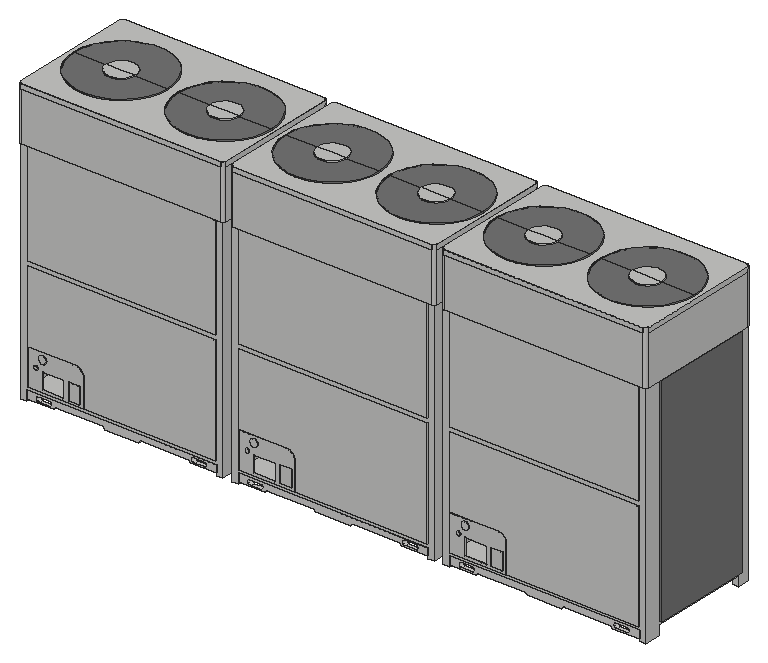
Revit family "Heat_Pump-Split_System-Outdoor-JCI-Triple_Unit-32-36 _ton", category Mechanical Equipment, Revit 2014
Parameters (values of type "208v - 32 ton Cooling Capacity")
  Width = 30 1/2"
  Voltage = 208 V
  Visibility 2 = Total Cooling Capacity > 42202.2 VA  # yes
  Visibility 1 = Total Cooling Capacity > 21101.1 VA  # yes
  Unit Separation [instance] = 13/16"
  URL = "www.johnsoncontrols.com"
  Type Comments = "208v - 32 ton Cooling Capacity"
  Total Heating Capacity = 432000.0 Btu/h
  Total Cooling Capacity = 384000.0 Btu/h
  Shroud Radius = Shroud Diameter / 2  # 14 3/8"
  Shroud Diameter = if(and(Total Cooling Capacity < 48356.7 VA, Total Cooling Capacity > 21101.1 VA), 22", 28 3/4")  # 28 3/4"
  Refrigerant Used = "R410A"
  Product Page URL = ""
  Product Name = "(H,Y)VAHP384B32S"
  Product Documentation Link = ""
  Power Factor = 0.8
  Pipe Material = Metal - JCI - Brass SU
  Phase = 3
  Operating Weight = 2165.00 lbf
  Offset = 0"
  Number of Poles = 3
  Model = Product Name  # "(H,Y)VAHP384B32S"
  Manufacturer = "Johnson Controls Incorporated"
  Load Classification = HVAC
  Length 9 [instance] = if(Clearance Zones, Clearance Top, 0")  # 0"
  Length 8 [instance] = if(Clearance Zones, Clearance Back, 0")  # 0"
  Length 7 [instance] = if(Clearance Zones, Clearance Front, 0")  # 0"
  Length 6 [instance] = if(Clearance Zones, Clearance Right, 0")  # 0"
  Length 5 [instance] = if(Clearance Zones, Clearance Left, 0")  # 0"
  Length [instance] = Main Unit Length + Unit Separation + Sub Unit 1 Length + Unit Separation + Sub Unit 2 Length  # 147 1/2"
  Main Unit Model = "(H,Y)VAHP144B32S"
  Main Unit KO Power X Offset 3 = 10 15/16"
  Main Unit KO Power X Offset 2 = 8 3/8"
  Main Unit KO Power X Offset 1 = 5 3/16"
  Main Unit KO Controls X Offset = 3 5/8"
  KO Controls Radius = KO Controls Diameter / 2  # 7/16"
  KO Controls Diameter = 7/8"
  Main Unit KO Power X Offset Label [instance] = if(Main Unit Knockout Power 1, Main Unit KO Power X Offset 1, if(Main Unit Knockout Power 2, Main Unit KO Power X Offset 2, if(Main Unit Knockout Power 3, Main Unit KO Power X Offset 3, 0")))  # 5 3/16"
  Main Unit KO Power Radius [instance] = Main Unit KO Power Diameter / 2  # 7/8"
  Main Unit KO Power Diameter [instance] = if(Main Unit Knockout Power 1, 1 3/4", if(Main Unit Knockout Power 2, 1 3/8", 7/8"))  # 1 3/4"
  Main Unit Length = 48 5/8"
  Main Unit = Heat_Pump-Split_System-Outdoor-JCI-Single_Unit-6-16 _ton to be nested : 12 ton Cooling Capacity
  Main Unit Knockout Power 3 [instance] = no
  Main Unit Knockout Power 2 [instance] = no
  Main Unit Knockout Power 1 [instance] = yes
  Main Unit Knockout Front [instance] = yes
  Master Unit Knockout Bottom [instance] = not(Main Unit Knockout Front)  # no
  Height = 66 1/4"
  Main Minimum Circuit Current = 58 A
  Main Maximum Overcurrent Protection = 70 A
  Grille Material = Metal - JCI - Grille Square SU
  Frequency = 60 Hz
  Sub Unit 2 Model = "(H,Y)VAHP120B32S"
  Sub Unit 1 Model = "(H,Y)VAHP120B32S"
  Sub Unit 2 Length = 48 5/8"
  Sub Unit 2 Knockout Power 3 [instance] = no
  Sub Unit 2 Knockout Power 2 [instance] = no
  Sub Unit 2 Knockout Power 1 [instance] = yes
  Sub Unit 2 Knockout Front [instance] = yes
  Sub Unit 2 Knockout Bottom [instance] = not(Sub Unit 2 Knockout Front)  # no
  Sub Unit 2 KO Power X Offset Label [instance] = if(Sub Unit 2 Knockout Power 1, Sub Unit 2 KO Power X Offset 1, if(Sub Unit 2 Knockout Power 2, Sub Unit 2 KO Power X Offset 2, if(Sub Unit 2 Knockout Power 3, Sub Unit 2 KO Power X Offset 3, 0")))  # 5 3/16"
  Sub Unit 2 KO Power X Offset 3 = 10 15/16"
  Sub Unit 2 KO Power X Offset 2 = 8 3/8"
  Sub Unit 2 KO Power X Offset 1 = 5 3/16"
  Sub Unit 2 KO Power Radius [instance] = Sub Unit 2 KO Power Diameter / 2  # 7/8"
  Sub Unit 2 KO Power Diameter [instance] = if(Sub Unit 2 Knockout Power 1, 1 3/4", if(Sub Unit 2 Knockout Power 2, 1 3/8", 7/8"))  # 1 3/4"
  Sub Unit 2 KO Controls X Offset = 3 5/8"
  Sub Unit 2 DX Liquid X Offset = 7 3/8"
  Sub Unit 2 DX Liquid Radius = Sub Unit 2 DX Liquid Diameter / 2  # 1/4"
  Sub Unit 2 DX Liquid Diameter = 1/2"
  Sub Unit 2 DX Gas X Offset = 9 7/16"
  Sub Unit 2 DX Gas Radius = Sub Unit 2 DX Gas Diameter / 2  # 9/16"
  Sub Unit 2 DX Gas Diameter = 1 1/8"
  Sub Unit 2 = Heat_Pump-Split_System-Outdoor-JCI-Single_Unit-6-16 _ton to be nested : 10 ton Cooling Capacity
  Sub Unit 1 Length = 48 5/8"
  Sub Unit 1 Knockout Power 3 [instance] = no
  Sub Unit 1 Knockout Power 2 [instance] = no
  Sub Unit 1 Knockout Power 1 [instance] = yes
  Sub Unit 1 Knockout Front [instance] = yes
  Sub Unit 1 Knockout Bottom [instance] = not(Sub Unit 1 Knockout Front)  # no
  Sub Unit 1 KO Power X Offset Label [instance] = if(Sub Unit 1 Knockout Power 1, Sub Unit 1 KO Power X Offset 1, if(Sub Unit 1 Knockout Power 2, Sub Unit 1 KO Power X Offset 2, if(Sub Unit 1 Knockout Power 3, Sub Unit 1 KO Power X Offset 3, 0")))  # 5 3/16"
  Sub Unit 1 KO Power X Offset 3 = 10 15/16"
  Sub Unit 1 KO Power X Offset 2 = 8 3/8"
  Sub Unit 1 KO Power X Offset 1 = 5 3/16"
  Sub Unit 1 KO Power Radius [instance] = Sub Unit 1 KO Power Diameter / 2  # 7/8"
  Sub Unit 1 KO Power Diameter [instance] = if(Sub Unit 1 Knockout Power 1, 1 3/4", if(Sub Unit 1 Knockout Power 2, 1 3/8", 7/8"))  # 1 3/4"
  Sub Unit 1 KO Controls X Offset = 3 5/8"
  Sub Unit 1 DX Liquid X Offset = 7 3/8"
  Sub Unit 1 DX Liquid Radius = Sub Unit 1 DX Liquid Diameter / 2  # 1/4"
  Sub Unit 1 DX Liquid Diameter = 1/2"
  Sub Unit 1 DX Gas Radius = Sub Unit 1 DX Gas Diameter / 2  # 9/16"
  Sub Unit 1 DX Gas Diameter = 1 1/8"
  Sub Unit 1 DX Gas X Offset = 9 7/16"
  Sub Unit 1 = Heat_Pump-Split_System-Outdoor-JCI-Single_Unit-6-16 _ton to be nested : 10 ton Cooling Capacity
  Sub 2 Minimum Circuit Current = 46 A
  Sub 2 Maximum Overcurrent Protection = 60 A
  Sub 1 Minimum Circuit Current = 46 A
  Sub 1 Maximum Overcurrent Protection = 60 A
  Description = "Outdoor Triple Unit Variable Refrigerant Flow"
  DX Liquid Z Offset = 10 11/32"
  DX Liquid Y Offset = 5 3/16"
  Main Unit DX Liquid X Offset = 7 3/8"
  Main Unit DX Liquid Radius = Main Unit DX Liquid Diameter / 2  # 5/16"
  Main Unit DX Liquid Diameter = 5/8"
  DX Gas Z Offset = 6 25/32"
  DX Gas Y Offset = 5 31/32"
  Main Unit DX Gas X Offset = 9 7/16"
  Main Unit DX Gas Radius = Main Unit DX Gas Diameter / 2  # 9/16"
  Main Unit DX Gas Diameter = 1 1/8"
  Copyright © = "Copyright © 2001-2017 Johnson Controls"  # constant formula
  Clearance Zones [instance] = no
  Clearance Top = 59 1/2"
  Clearance Right = 7 7/8"
  Clearance Material = Clearance Zones
  Clearance Left = 7 7/8"
  Clearance Front = 19 11/16"
  Clearance Back = 11 13/16"
  Body Material = Paint - JCI - Silky Shade SU
  Body Inset = 5/16"
  Base Material = Metal - JCI - Base Steel SU
  Assembly Code = "D3030200"
  Apparent Load 3 = Voltage * Sub 2 Minimum Circuit Current / Power Factor  # 11960 VA
  Apparent Load 2 = Voltage * Sub 1 Minimum Circuit Current / Power Factor  # 11960 VA
  Apparent Load 1 = Voltage * Main Minimum Circuit Current / Power Factor  # 15080 VA
Reference planes (in)
  plane 1 "Center (Front/Back)": y = 0
  plane 2: z = 0
  plane 3 "Center (Left/Right)": x = 0
  plane 4 "Left": x = -73.75
  plane 5 "Right": x = 73.75
  plane 6 "Back": y = 15.25
  plane 7 "Front": y = -15.25
  plane 8 "lid left": x = -73.4375
  plane 9 "Bottom": z = 0
  plane 10 "Top": z = 66.25
  plane 11 "body 1 left": x = -73.125
  plane 12 "panel front": y = -15.0005
  plane 13 "fan top": z = 66.5
  plane 14 "clearance back": y = 15.25
  plane 15 "clearance front": y = -15.25
  plane 16 "clearance left": x = -73.75
  plane 17 "clearance right": x = 73.75
  plane 18 "clearance top": z = 66.25
  plane 19: y = 0.05208
  plane 20 "dx liquid x cl": x = -65.75
  plane 21 "dx gas discharge x cl": x = -63.6875
  plane 22 "dx liquid y cl": y = -10.0625
  plane 23 "dx gas y cl": y = -9.28125
  plane 24 "dx gas z bottom": z = 6.78125
  plane 25 "dx liquid z bottom": z = 10.34375
  plane 26 "front dummy": y = -15.25
  plane 27 "header right": x = -25.125
  plane 28 "follower 1 left": x = -24.3125
  plane 29 "lid 2 left": x = -24
  plane 30 "body 2 left": x = -23.6875
  plane 31: x = -16.3125
  plane 32: x = -14.25
  plane 33 "follower 2 left": x = 25.125
  plane 34 "follower 1 right": x = 24.3125
  plane 35: x = 25.4375
  plane 36: x = 25.75
  plane 37: x = 33.125
  plane 38: x = 35.1875
Forms (in)
  Extrusion 1, solid, material "Clearance Zones" <- "Clearance Material", visible <- "Clearance Zones"
    sketch origin (0, 0, 0) x (-1, 0, 0) y (0, -1, 0)
      loop
        line (73.75, -15.25) -> (73.75, 15.25) -> (-73.75, 15.25) -> (-73.75, -15.25) -> (73.75, -15.25)
    from 0 to 66.25
  Extrusion 2, solid, material "Metal - JCI - Brass SU" <- "Pipe Material", detail levels medium+fine
    sketch origin (-60.79778, -180, 6.78125) x (-1, 0, 0) y (0, -1, 0)
      loop
        circle (2.88972, -170.71875) r 0.5625
      loop
        circle (-46.54778, -170.71875) r 0.5625
      loop
        circle (-95.98528, -170.71875) r 0.5625
    from 0 to 4.71625
  Extrusion 3, solid, material "Metal - JCI - Brass SU" <- "Pipe Material", detail levels medium+fine
    sketch origin (-60.79778, -180, 10.34375) x (-1, 0, 0) y (0, -1, 0)
      loop
        circle (4.95222, -169.9375) r 0.3125
      loop
        circle (-44.48528, -169.9375) r 0.25
      loop
        circle (-93.92278, -169.9375) r 0.25
    from 1.15375 to 0
  Extrusion 4, solid, material "Paint - JCI - Silky Shade SU" <- "Body Material", detail levels medium+fine
    sketch origin (-38.06929, -15.0005, 48) x (-1, 0, 0) y (0, 0, 1)
      loop
        circle (31.43071, -40.1875) r 0.4375
      loop
        circle (29.86821, -38.0625) r 0.875
      loop
        circle (-18.00679, -40.1875) r 0.4375
      loop
        circle (-19.56929, -38.0625) r 0.875
      loop
        circle (-67.44429, -40.1875) r 0.4375
      loop
        circle (-69.00679, -38.0625) r 0.875
    from 0 to 1
Lines and regions (in)
  Masking region 1, detail levels coarse
    outline origin (0, 0, 0) x (1, 0, 0) y (0, 0, 1)
      loop
        line (-73.75, 66.5) -> (-73.75, 0) -> (73.75, 0) -> (73.75, 66.5) -> (-73.75, 66.5)
  Masking region 2, visible <- "Visibility 2", detail levels fine
    outline origin (0, -14.9375, 0) x (-1, 0, 0) y (0, 0, 1)
      loop
        line (-24, 66.5) -> (-52.75, 66.5) -> (-52.75, 66.25) -> (-24, 66.25) -> (-24, 66.5)
  symbolic lines, style "Clearance Zones", visible <- "Clearance Zones"
    curve 1: line (-73.75, 15.25, 53.62) -> (73.75, 15.25, 53.62)
    curve 2: line (-73.75, -15.25, 53.62) -> (-73.75, 15.25, 53.62)
    curve 3: line (73.75, -15.25, 53.62) -> (-73.75, -15.25, 53.62)
    curve 4: line (73.75, 15.25, 53.62) -> (73.75, -15.25, 53.62)
    curve 5: line (-73.75, 0, 66.25) -> (73.75, 0, 66.25)
    curve 6: line (-73.75, 0, 0) -> (-73.75, 0, 66.25)
    curve 7: line (73.75, 0, 0) -> (-73.75, 0, 0)
    curve 8: line (73.75, 0, 66.25) -> (73.75, 0, 0)
    curve 9: line (0, 15.25, 0) -> (0, 15.25, 66.25)
    curve 10: line (0, -15.25, 0) -> (0, 15.25, 0)
    curve 11: line (0, -15.25, 66.25) -> (0, -15.25, 0)
    curve 12: line (0, 15.25, 66.25) -> (0, -15.25, 66.25)
Dimensions and locks (in)
  equal spacing: plane 4 "Left", plane 3 "Center (Left/Right)", plane 5 "Right"
  "Length": plane 4 "Left" to plane 5 "Right"
  equal spacing: plane 6 "Back", plane 1 "Center (Front/Back)", plane 7 "Front"
  "Width": plane 6 "Back" to plane 7 "Front"
  locked: plane 4 "Left" to plane 8 "lid left" at 0.3125
  "Height": plane 10 "Top" to plane 9 "Bottom"
  "Offset": plane 9 "Bottom" to level
  "Body Inset": plane 8 "lid left" to plane 11 "body 1 left"
  locked: plane 13 "fan top" to plane 10 "Top" at 0.25
  "Length 5": plane 16 "clearance left" to plane 4 "Left"
  "Length 6": plane 5 "Right" to plane 17 "clearance right"
  "Length 8": plane 14 "clearance back" to plane 6 "Back"
  "Length 7": plane 26 "front dummy" to plane 15 "clearance front"
  "Length 9": plane 18 "clearance top" to plane 10 "Top"
  "Main Unit DX Liquid X Offset": plane 11 "body 1 left" to plane 20 "dx liquid x cl"
  "Main Unit DX Gas X Offset": plane 11 "body 1 left" to plane 21 "dx gas discharge x cl"
  "DX Liquid Y Offset": plane 22 "dx liquid y cl" to plane 7 "Front"
  "DX Gas Y Offset": plane 23 "dx gas y cl" to plane 7 "Front"
  "DX Gas Z Offset": plane 24 "dx gas z bottom" to plane 9 "Bottom"
  "DX Liquid Z Offset": plane 25 "dx liquid z bottom" to plane 9 "Bottom"
  "Main Unit KO Controls X Offset": Extrusion 4 sketch curve to plane 11 "body 1 left"
  locked: Extrusion 4 sketch curve to plane 9 "Bottom" at 7.8125  (x3)
  Masking region 2 sketch curve to Masking region 2 sketch curve = 28 3/4"
  "Shroud Diameter": Masking region 2 sketch curve to Masking region 2 sketch curve
  locked: Extrusion 4 sketch curve to plane 9 "Bottom" at 9.9375  (x3)
  "Main Unit KO Power X Offset Label": Extrusion 4 sketch curve to plane 11 "body 1 left"
  "Main Unit Length": plane 4 "Left" to plane 27 "header right"
  "Unit Separation": plane 27 "header right" to plane 28 "follower 1 left"
  "Body Inset": plane 29 "lid 2 left" to plane 30 "body 2 left"
  locked: plane 28 "follower 1 left" to plane 29 "lid 2 left" at 0.3125
  "Sub Unit 1 DX Liquid X Offset": plane 30 "body 2 left" to plane 31
  "Sub Unit 1 DX Gas X Offset": plane 30 "body 2 left" to plane 32
  "Sub Unit 1 KO Power X Offset Label": Extrusion 4 sketch curve to plane 30 "body 2 left"
  "Sub Unit 1 KO Controls X Offset": Extrusion 4 sketch curve to plane 30 "body 2 left"
  "Sub Unit 1 Length": plane 28 "follower 1 left" to plane 34 "follower 1 right"
  "Unit Separation": plane 34 "follower 1 right" to plane 33 "follower 2 left"
  "Body Inset": plane 35 to plane 36
  locked: plane 33 "follower 2 left" to plane 35 at 0.3125
  "Sub Unit 1 DX Liquid X Offset": plane 36 to plane 37
  "Sub Unit 1 DX Gas X Offset": plane 36 to plane 38
  "Sub Unit 2 KO Controls X Offset": Extrusion 4 sketch curve to plane 36
  "Sub Unit 2 KO Power X Offset Label": Extrusion 4 sketch curve to plane 36
  "Main Unit DX Gas Radius": radius of Extrusion 2 sketch curve
  "Main Unit DX Liquid Radius": radius of Extrusion 3 sketch curve
  "KO Controls Radius": radius of Extrusion 4 sketch curve  (x3)
  "Main Unit KO Power Radius": radius of Extrusion 4 sketch curve
  "Sub Unit 1 DX Gas Radius": radius of Extrusion 2 sketch curve
  "Sub Unit 1 DX Liquid Radius": radius of Extrusion 3 sketch curve
  "Sub Unit 1 KO Power Radius": radius of Extrusion 4 sketch curve
  "Sub Unit 2 DX Gas Radius": radius of Extrusion 2 sketch curve
  "Sub Unit 2 DX Liquid Radius": radius of Extrusion 3 sketch curve
  "Sub Unit 2 KO Power Radius": radius of Extrusion 4 sketch curve
  aligned and locked: level to plane 2
  aligned and locked: Extrusion 1 sketch curve to plane 14 "clearance back"
  aligned and locked: plane 16 "clearance left" to Extrusion 1 sketch curve
  aligned and locked: Extrusion 1 sketch curve to plane 15 "clearance front"
  aligned and locked: Extrusion 1 sketch curve to plane 17 "clearance right"
  aligned and locked: curve 4 to plane 17 "clearance right"
  aligned and locked: plane 16 "clearance left" to curve 2
  aligned and locked: curve 3 to plane 15 "clearance front"
  aligned and locked: curve 1 to plane 14 "clearance back"
  aligned and locked: plane 18 "clearance top" to Extrusion 1
  aligned and locked: Extrusion 1 to plane 9 "Bottom"
  aligned and locked: plane 16 "clearance left" to curve 6
  aligned and locked: curve 8 to plane 17 "clearance right"
  aligned and locked: curve 5 to plane 18 "clearance top"
  aligned and locked: curve 7 to plane 9 "Bottom"
  aligned and locked: curve 9 to plane 14 "clearance back"
  aligned and locked: plane 15 "clearance front" to curve 11
  aligned and locked: plane 9 "Bottom" to curve 10
  aligned and locked: Masking region 1 sketch curve to plane 13 "fan top"
  aligned and locked: plane 4 "Left" to Masking region 1 sketch curve
  aligned and locked: Masking region 1 sketch curve to plane 5 "Right"
  aligned and locked: Masking region 1 sketch curve to plane 9 "Bottom"
  aligned and locked: Extrusion 2 sketch curve to plane 23 "dx gas y cl"  (x3)
  aligned and locked: plane 21 "dx gas discharge x cl" to Extrusion 2 sketch curve
  aligned and locked: Extrusion 2 to plane 24 "dx gas z bottom"
  aligned and locked: Extrusion 3 sketch curve to plane 22 "dx liquid y cl"  (x3)
  aligned and locked: plane 20 "dx liquid x cl" to Extrusion 3 sketch curve
  aligned and locked: Extrusion 3 to plane 25 "dx liquid z bottom"
  aligned and locked: Masking region 2 sketch curve to plane 13 "fan top"
  aligned and locked: Masking region 2 sketch curve to plane 10 "Top"
  aligned and locked: plane 26 "front dummy" to plane 7 "Front"
  aligned and locked: nested 1 to plane 1 "Center (Front/Back)"
  aligned and locked: plane 4 "Left" to nested 1
  aligned and locked: nested 2 to plane 28 "follower 1 left"
  aligned and locked: plane 1 "Center (Front/Back)" to nested 2
  aligned and locked: plane 32 to Extrusion 2 sketch curve
  aligned and locked: plane 31 to Extrusion 3 sketch curve
  aligned and locked: plane 24 "dx gas z bottom" to Extrusion 2
  aligned and locked: plane 1 "Center (Front/Back)" to nested 3
  aligned and locked: nested 3 to plane 33 "follower 2 left"
  aligned and locked: plane 38 to Extrusion 2 sketch curve
  aligned and locked: plane 37 to Extrusion 3 sketch curve
  aligned and locked: curve 12 to plane 18 "clearance top"
Nested families (in)
  nested 1: "Heat_Pump-Split_System-Outdoor-JCI-Single_Unit-6-16 _ton to be nested" at (-49.4375, 0, 0), Knockout Power 3 <- "Main Unit Knockout Power 3", Knockout Power 2 <- "Main Unit Knockout Power 2", Knockout Power 1 <- "Main Unit Knockout Power 1", Knockout Front <- "Main Unit Knockout Front", type <- "Main Unit", type "12 ton Cooling Capacity"
    with Length 14 14 3/4", Length 13 3", Length 12 1/4", Length 11 9 15/16", Length 10 1 31/32", Knockout Power 3 no, Knockout Power 2 no, Knockout Power 1 yes, Knockout Front yes, Knockout Bottom no, KO Z Offset 5 9/16", KO Y Offset 0", KO Power X Offset 5 3/16", KO Power Radius 7/8", KO Power Diameter 1 3/4", KO Height 3 15/16", Fan 2 X Offset 12 5/32", Fan 1 X Offset 12 5/32", Clearance Zones yes, Angle 2 90.00°, Angle 1 90.00°, Visibility 1 yes, Total Cooling Capacity 144000.0 Btu/h, Shroud Radius 11", Shroud Diameter 22", Operating Weight 723.00 lbf, Length 48 5/8", KO Power X Offset 3 10 15/16", KO Power X Offset 2 8 3/8", KO Power X Offset 1 5 3/16", KO Controls X Offset 3 5/8", KO 2 X Offset 11 1/4", KO 1 X Offset 5 3/16"
  nested 2: "Heat_Pump-Split_System-Outdoor-JCI-Single_Unit-6-16 _ton to be nested" at (0, 0, 0), Knockout Power 3 <- "Sub Unit 1 Knockout Power 3", Knockout Power 2 <- "Sub Unit 1 Knockout Power 2", Knockout Power 1 <- "Sub Unit 1 Knockout Power 1", Knockout Front <- "Sub Unit 1 Knockout Front", type <- "Sub Unit 1", type "10 ton Cooling Capacity"
    with Length 14 14 3/4", Length 13 3", Length 12 1/4", Length 11 9 15/16", Length 10 1 31/32", Knockout Power 3 no, Knockout Power 2 no, Knockout Power 1 yes, Knockout Front yes, Knockout Bottom no, KO Z Offset 5 9/16", KO Y Offset 0", KO Power X Offset 5 3/16", KO Power Radius 7/8", KO Power Diameter 1 3/4", KO Height 3 15/16", Fan 2 X Offset 12 5/32", Fan 1 X Offset 12 5/32", Clearance Zones no, Angle 2 90.00°, Angle 1 90.00°, Visibility 1 yes, Total Cooling Capacity 120000.0 Btu/h, Shroud Radius 11", Shroud Diameter 22", Operating Weight 721.00 lbf, Length 48 5/8", KO Power X Offset 3 10 15/16", KO Power X Offset 2 8 3/8", KO Power X Offset 1 5 3/16", KO Controls X Offset 3 5/8", KO 2 X Offset 11 1/4", KO 1 X Offset 5 3/16"
  nested 3: "Heat_Pump-Split_System-Outdoor-JCI-Single_Unit-6-16 _ton to be nested" at (49.4375, 0, 0), Knockout Power 3 <- "Sub Unit 2 Knockout Power 3", Knockout Power 2 <- "Sub Unit 2 Knockout Power 2", Knockout Power 1 <- "Sub Unit 2 Knockout Power 1", Knockout Front <- "Sub Unit 2 Knockout Front", type <- "Sub Unit 2", type "10 ton Cooling Capacity"
    with Length 14 14 3/4", Length 13 3", Length 12 1/4", Length 11 9 15/16", Length 10 1 31/32", Knockout Power 3 no, Knockout Power 2 no, Knockout Power 1 yes, Knockout Front yes, Knockout Bottom no, KO Z Offset 5 9/16", KO Y Offset 0", KO Power X Offset 5 3/16", KO Power Radius 7/8", KO Power Diameter 1 3/4", KO Height 3 15/16", Fan 2 X Offset 12 5/32", Fan 1 X Offset 12 5/32", Clearance Zones no, Angle 2 90.00°, Angle 1 90.00°, Visibility 1 yes, Total Cooling Capacity 120000.0 Btu/h, Shroud Radius 11", Shroud Diameter 22", Operating Weight 721.00 lbf, Length 48 5/8", KO Power X Offset 3 10 15/16", KO Power X Offset 2 8 3/8", KO Power X Offset 1 5 3/16", KO Controls X Offset 3 5/8", KO 2 X Offset 11 1/4", KO 1 X Offset 5 3/16"
Connectors (in)
  piping at (-65.75, -10.0625, 10.34375), diameter 0.625, driven by "Main Unit DX Liquid Diameter"
    settings: on Extrusion 3, index 1, connector inside diameter 24", connector length 0", flow factor 0, pipe flow 0 GPM, pressure drop 0.00 psi, fitting loss kfactor 0, connector angle 0.00°, fixture units 0, engagement length 0", angle of deflection 0.00°, flow configuration 0, flow direction 0, fitting loss method 0, system type 22, joint type 0, gender type 0, connector reference index -1, connector utility 0, adjustable connector no, is connector primary yes, connector description "Main Unit Refrigerant Liquid"
  electrical at (-69.5, -15.0005, 7.8125)
    settings: on Extrusion 4, index 6, voltage 0 V, apparent load 0 VA, apparent load phase1 0 VA, apparent load phase2 0 VA, apparent load phase3 0 VA, power factor 1, load classification "Other", number of poles 1, system type 13, power factor state 1, is connector primary yes, connector utility no, sub classification motor no, connector description "Main Unit Controls"
  cabletrayconduit at (-69.5, -15.0005, 7.8125), diameter 0.875, driven by "KO Controls Diameter"
    settings: on Extrusion 4, index 7, connector width 12", connector height 12", connector angle 0.00°, system type 32, placement type 0, profile type 0, connector reference index -1, is primary connector yes, connector utility param no, connector description "Main Unit Controls Conduit"
  electrical at (-67.9375, -15.0005, 9.9375), driven by "Number of Poles", driven by "Load Classification", driven by "Voltage", driven by "Apparent Load 1", driven by "Power Factor"
    settings: on Extrusion 4, index 8, voltage 208 V, apparent load 15080 VA, apparent load phase1 0 VA, apparent load phase2 0 VA, apparent load phase3 0 VA, power factor 0.8, load classification "HVAC", number of poles 3, system type 30, power factor state 1, is connector primary no, connector utility no, sub classification motor no, connector description "Main Unit Power"
  cabletrayconduit at (-67.9375, -15.0005, 9.9375), diameter 1.75, driven by "Main Unit KO Power Diameter"
    settings: on Extrusion 4, index 9, connector width 12", connector height 12", connector angle 0.00°, system type 32, placement type 0, profile type 0, connector reference index -1, is primary connector no, connector utility param no, connector description "Main Unit Power Conduit"
  piping at (-63.6875, -9.28125, 6.78125), diameter 1.125, driven by "Main Unit DX Gas Diameter"
    settings: on Extrusion 2, index 10, connector inside diameter 24", connector length 0", flow factor 0, pipe flow 0 GPM, pressure drop 0.00 psi, fitting loss kfactor 0, connector angle 0.00°, fixture units 0, engagement length 0", angle of deflection 0.00°, flow configuration 0, flow direction 0, fitting loss method 0, system type 22, joint type 0, gender type 0, connector reference index -1, connector utility 0, adjustable connector no, is connector primary no, connector description "Main Unit Refrigerant Gas"
  electrical at (-20.0625, -15.0005, 7.8125)
    settings: on Extrusion 4, index 11, voltage 0 V, apparent load 0 VA, apparent load phase1 0 VA, apparent load phase2 0 VA, apparent load phase3 0 VA, power factor 1, load classification "Other", number of poles 1, system type 13, power factor state 1, is connector primary no, connector utility no, sub classification motor no, connector description "Sub Unit 1 Controls"
  electrical at (-18.5, -15.0005, 9.9375), driven by "Number of Poles", driven by "Load Classification", driven by "Voltage", driven by "Power Factor", driven by "Apparent Load 2"
    settings: on Extrusion 4, index 12, voltage 208 V, apparent load 11960 VA, apparent load phase1 0 VA, apparent load phase2 0 VA, apparent load phase3 0 VA, power factor 0.8, load classification "HVAC", number of poles 3, system type 30, power factor state 1, is connector primary no, connector utility no, sub classification motor no, connector description "Sub Unit 1 Power"
  cabletrayconduit at (-20.0625, -15.0005, 7.8125), diameter 0.875, driven by "KO Controls Diameter"
    settings: on Extrusion 4, index 13, connector width 12", connector height 12", connector angle 0.00°, system type 32, placement type 0, profile type 0, connector reference index -1, is primary connector no, connector utility param no, connector description "Sub Unit 1 Controls Conduit"
  cabletrayconduit at (-18.5, -15.0005, 9.9375), diameter 1.75, driven by "Sub Unit 1 KO Power Diameter"
    settings: on Extrusion 4, index 14, connector width 12", connector height 12", connector angle 0.00°, system type 32, placement type 0, profile type 0, connector reference index -1, is primary connector no, connector utility param no, connector description "Sub Unit 1 Power Conduit"
  piping at (-16.3125, -10.0625, 10.34375), diameter 0.5, driven by "Sub Unit 1 DX Liquid Diameter"
    settings: on Extrusion 3, index 15, connector inside diameter 24", connector length 0", flow factor 0, pipe flow 0 GPM, pressure drop 0.00 psi, fitting loss kfactor 0, connector angle 0.00°, fixture units 0, engagement length 0", angle of deflection 0.00°, flow configuration 0, flow direction 0, fitting loss method 0, system type 22, joint type 0, gender type 0, connector reference index -1, connector utility 0, adjustable connector no, is connector primary no, connector description "Sub Unit Refrigerant Liquid"
  piping at (-14.25, -9.28125, 6.78125), diameter 1.125, driven by "Sub Unit 1 DX Gas Diameter"
    settings: on Extrusion 2, index 17, connector inside diameter 24", connector length 0", flow factor 0, pipe flow 0 GPM, pressure drop 0.00 psi, fitting loss kfactor 0, connector angle 0.00°, fixture units 0, engagement length 0", angle of deflection 0.00°, flow configuration 0, flow direction 0, fitting loss method 0, system type 22, joint type 0, gender type 0, connector reference index -1, connector utility 0, adjustable connector no, is connector primary no, connector description "Sub Unit 1 Refrigerant Gas"
  piping at (33.125, -10.0625, 10.34375), diameter 0.5, driven by "Sub Unit 2 DX Liquid Diameter"
    settings: on Extrusion 3, index 18, connector inside diameter 24", connector length 0", flow factor 0, pipe flow 0 GPM, pressure drop 0.00 psi, fitting loss kfactor 0, connector angle 0.00°, fixture units 0, engagement length 0", angle of deflection 0.00°, flow configuration 0, flow direction 0, fitting loss method 0, system type 22, joint type 0, gender type 0, connector reference index -1, connector utility 0, adjustable connector no, is connector primary no, connector description "Sub Unit 2 Refrigerant Liquid"
  piping at (35.1875, -9.28125, 6.78125), diameter 1.125, driven by "Sub Unit 2 DX Gas Diameter"
    settings: on Extrusion 2, index 19, connector inside diameter 24", connector length 0", flow factor 0, pipe flow 0 GPM, pressure drop 0.00 psi, fitting loss kfactor 0, connector angle 0.00°, fixture units 0, engagement length 0", angle of deflection 0.00°, flow configuration 0, flow direction 0, fitting loss method 0, system type 22, joint type 0, gender type 0, connector reference index -1, connector utility 0, adjustable connector no, is connector primary no, connector description "Sub Unit 2 Refrigerant Gas"
  electrical at (29.375, -15.0005, 7.8125)
    settings: on Extrusion 4, index 20, voltage 0 V, apparent load 0 VA, apparent load phase1 0 VA, apparent load phase2 0 VA, apparent load phase3 0 VA, power factor 1, load classification "Other", number of poles 1, system type 13, power factor state 1, is connector primary no, connector utility no, sub classification motor no, connector description "Sub Unit 2 Controls"
  electrical at (30.9375, -15.0005, 9.9375), driven by "Number of Poles", driven by "Load Classification", driven by "Voltage", driven by "Apparent Load 3", driven by "Power Factor"
    settings: on Extrusion 4, index 21, voltage 208 V, apparent load 11960 VA, apparent load phase1 0 VA, apparent load phase2 0 VA, apparent load phase3 0 VA, power factor 0.8, load classification "HVAC", number of poles 3, system type 30, power factor state 1, is connector primary no, connector utility no, sub classification motor no, connector description "Sub Unit 2 Power"
  cabletrayconduit at (29.375, -15.0005, 7.8125), diameter 0.875, driven by "KO Controls Diameter"
    settings: on Extrusion 4, index 22, connector width 12", connector height 12", connector angle 0.00°, system type 32, placement type 0, profile type 0, connector reference index -1, is primary connector no, connector utility param no, connector description "Sub Unit 2 Controls Conduit"
  cabletrayconduit at (30.9375, -15.0005, 9.9375), diameter 1.75, driven by "Sub Unit 2 KO Power Diameter"
    settings: on Extrusion 4, index 23, connector width 12", connector height 12", connector angle 0.00°, system type 32, placement type 0, profile type 0, connector reference index -1, is primary connector no, connector utility param no, connector description "Sub Unit 2 Power Conduit"
Definition of nested family "Heat_Pump-Split_System-Outdoor-JCI-Single_Unit-6-16 _ton to be nested"
  Parameters (values of type "6 ton Cooling Capacity")
    Width = 30 1/2"
    Voltage = 208 V
    Visibility 2 = Total Cooling Capacity > 46891.4 VA  # no
    Visibility 1 = Total Cooling Capacity > 21101.1 VA  # no
    Type Comments = "208v - 6 ton Cooling Capacity"
    Total Cooling Capacity = 72000.0 Btu/h
    Shroud Radius = Shroud Diameter / 2  # 14 3/8"
    Shroud Diameter = if(and(Total Cooling Capacity < 48356.7 VA, Total Cooling Capacity > 21101.1 VA), 22", 28 3/4")  # 28 3/4"
    Refrigerant Used = "R410A"
    Product Page URL = ""
    Product Name = "(H,Y)VAHP072B32S"
    Product Documentation Link = ""
    Power Factor = 0.8
    Pipe Material = Metal - JCI - Brass SU
    Phase = 3
    Panel 2 Width = 15 9/32"  # constant formula
    Operating Weight = 516.00 lbf
    Offset = 0"
    Number of Poles = 2
    Model = Product Name  # "(H,Y)VAHP072B32S"
    Minimum Circuit Current = 29 A
    Maximum Overcurrent Protection = 40 A
    Manufacturer = "Johnson Controls Incorporated"
    Load Classification = HVAC
    Lid Height = 12.63"
    Length 4 = Height - 1"  # 65 1/4"
    Length 3 = 5/32"
    Length 2 = 0.063"
    Length 15 = if(Visibility 2, Panel 2 Width + Length 3, 0")  # 0"
    Length 14 [instance] = KO 2 X Offset + KO 2 Width + 3/4"  # 18 7/16"
    Length 13 [instance] = 3"
    Length 12 [instance] = 1/4"
    Length 10 [instance] = KO Height / 2  # 1 31/32"
    Length 1 = 11/16"
    Length = 38 3/8"
    Leg Width = 1 1/2"
    KO Power X Offset 3 = 14 9/16"
    KO Power X Offset 2 = 12"
    KO Power X Offset 1 = 8 7/8"
    KO Controls X Offset = 7 5/16"
    KO Controls Radius = KO Controls Diameter / 2  # 7/16"
    KO Controls Diameter = 7/8"
    KO Power X Offset [instance] = if(Knockout Power 1, KO Power X Offset 1, if(Knockout Power 2, KO Power X Offset 2, if(Knockout Power 3, KO Power X Offset 3, 0")))  # 8 7/8"
    KO Power Radius [instance] = KO Power Diameter / 2  # 7/8"
    KO Power Diameter [instance] = if(Knockout Power 1, 1 3/4", if(Knockout Power 2, 1 3/8", 7/8"))  # 1 3/4"
    Knockout Power 3 [instance] = no
    Knockout Power 2 [instance] = no
    Knockout Power 1 [instance] = yes
    Length 11 [instance] = if(Knockout Bottom, 9 13/16", 9 15/16")  # 9 15/16"
    KO 2 X Offset = 14 15/16"
    KO Z Offset [instance] = if(Knockout Bottom, Base Height, 5 9/16")  # 5 9/16"
    KO Y Offset [instance] = if(Knockout Bottom, 4 5/16" + Length 10, 0")  # 0"
    Knockout Front [instance] = yes
    Knockout Bottom [instance] = not(Knockout Front)  # no
    KO 2 Width = 2 3/4"
    KO 1 X Offset = 9 7/16"
    KO 1 Width = 5"
    KO Height [instance] = if(Knockout Bottom, 3 1/8", 3 15/16")  # 3 15/16"
    Height = 66 1/4"
    Grille Material = Metal - JCI - Grille Square SU
    Frequency = 60 Hz
    Fan 2 X Offset [instance] = if(Visibility 1, Length / 4, Length)  # 38 3/8"
    Fan 1 X Offset [instance] = if(Visibility 1, Length / 4, 0")  # 0"
    Description = "Outdoor Unit Variable Refrigernat Flow"
    Clearance Zones [instance] = yes
    Clearance Material = Clearance Zones
    Body Material = Paint - JCI - Silky Shade SU
    Body Inset = 5/16"
    Base Material = Metal - JCI - Base Steel SU
    Base Height = 2.31"
    Assembly Code = "D3030200"
    Apparent Load = Voltage * Minimum Circuit Current / Power Factor  # 7540 VA
    Angle 2 [instance] = if(Knockout Front, 90.00°, 180.00°)  # 90.00°
    Angle 1 [instance] = if(Knockout Front, 90.00°, 0.00°)  # 90.00°
  Reference planes (in)
    plane 1 "Center (Front/Back)": y = 0
    plane 2: z = 0
    plane 3 "Center (Left/Right)": x = 0
    plane 4 "Left": x = -19.1875
    plane 5 "Right": x = 19.1875
    plane 6 "Back": y = 15.25
    plane 7 "Front": y = -15.25
    plane 8 "lid left": x = -18.875
    plane 9 "lid right": x = 18.875
    plane 10 "Bottom": z = 0
    plane 11 "Top": z = 66.25
    plane 12 "base top": z = 2.31
    plane 13 "lid bottom": z = 53.62
    plane 14 "front leg inside": y = -11.09375
    plane 15 "back leg inside": y = 12.34375
    plane 16 "lid top": z = 66.187
    plane 17: z = 65.187
    plane 18 "body left": x = -18.5625
    plane 19 "body right": x = 18.5625
    plane 20 "body back": y = 14.9375
    plane 21 "body front": y = -14.9375
    plane 22 "left leg inside": x = -17.0625
    plane 23 "right leg inside": x = 17.0625
    plane 24 "panel bottom": z = 3.02875
    plane 25 "panel front": y = -15.0005
    plane 26: x = -2.375
    plane 27: x = 2.375
    plane 28: y = -6.09375
    plane 29 "fan 1 x cl": x = 0
    plane 30 "fan 2 x cl": x = 38.375
    plane 31 "fan top": z = 66.5
    plane 32 "detail panel right": x = -0.125
    plane 33 "detail panel top": z = 11.4975
    plane 34: z = 46.39268
    plane 35: z = 39.16536
    plane 36: z = 31.93804
    plane 37: z = 24.71071
    plane 38: z = 17.48339
    plane 39: z = 10.25607
    plane 40: x = 5.3125
    plane 41: x = 8.25
    plane 42: x = 11.1875
    plane 43: x = 14.125
    plane 44: x = -14.125
    plane 45: x = -11.1875
    plane 46: x = -8.25
    plane 47: x = -5.3125
    plane 48: y = 6.19792
    plane 49: y = 0.05208
    plane 50: y = -5.23438
    plane 51: y = 0.625
    plane 52: y = 6.48437
    plane 53 "ko mech y cl": y = -15.25
    plane 54 "ko z cl": z = 5.5625
    plane 55 "ko power y cl": y = -15
    plane 56 "dummy": z = 9.9375
    plane 57 "pane 2 left": x = 1.625
    plane 58: x = 16.90625
    plane 59 "front dummy": y = -15.25
  Forms (in)
    Extrusion 1, solid, material "Paint - JCI - Silky Shade SU" <- "Body Material", detail levels medium+fine
      sketch origin (0, 0, 0) x (1, 0, 0) y (0, 1, 0)
        loop
          arc (-18.1245, 15.187) -> (-18.61064, 14.98564) -> (-18.812, 14.4995) r 0.6875
          line (-18.812, 14.4995) -> (-18.812, -14.4995)
          arc (-18.812, -14.4995) -> (-18.61064, -14.98564) -> (-18.1245, -15.187) r 0.6875
          line (-18.1245, -15.187) -> (18.1245, -15.187)
          arc (18.1245, -15.187) -> (18.61064, -14.98564) -> (18.812, -14.4995) r 0.6875
          line (18.812, -14.4995) -> (18.812, 14.4995)
          arc (18.812, 14.4995) -> (18.61064, 14.98564) -> (18.1245, 15.187) r 0.6875
          line (18.1245, 15.187) -> (-18.1245, 15.187)
      from 53.62 to 66.187
    Extrusion 2, solid, material "Paint - JCI - Silky Shade SU" <- "Body Material", detail levels fine
      sketch origin (0, 0, 0) x (1, 0, 0) y (0, 1, 0)
        loop
          line (-18.875, -14.5625) -> (-18.74632, -14.5625)
          arc (-18.74632, -14.5625) -> (-18.56644, -14.94144) -> (-18.1875, -15.12132) r 0.625
          line (-18.1875, -15.12132) -> (-18.1875, -15.25) -> (18.1875, -15.25) -> (18.1875, -15.12132)
          arc (18.1875, -15.12132) -> (18.56644, -14.94144) -> (18.74632, -14.5625) r 0.625
          line (18.74632, -14.5625) -> (18.875, -14.5625) -> (18.875, 14.5625) -> (18.74632, 14.5625)
          arc (18.74632, 14.5625) -> (18.56644, 14.94144) -> (18.1875, 15.12132) r 0.625
          line (18.1875, 15.12132) -> (18.1875, 15.25) -> (-18.1875, 15.25) -> (-18.1875, 15.12132)
          arc (-18.1875, 15.12132) -> (-18.56644, 14.94144) -> (-18.74632, 14.5625) r 0.625
          line (-18.74632, 14.5625) -> (-18.875, 14.5625) -> (-18.875, -14.5625)
      from 66.25 to 65.187
    Extrusion 3, solid, material "Paint - JCI - Silky Shade SU" <- "Body Material", detail levels medium+fine
      sketch origin (0, 0, 0) x (0, 1, 0) y (0, 0, 1)
        loop
          line (-14.9375, 53.62) -> (-14.9375, 0) -> (-11.09375, 0) -> (-11.09375, 2.31) -> (12.34375, 2.31) -> (12.34375, 0) -> (14.9375, 0) -> (14.9375, 53.62) -> (-14.9375, 53.62)
      from -18.5625 to 18.5625
    Extrusion 4, void
      sketch origin (0, 0, 0) x (1, 0, 0) y (0, 1, 0)
        loop
          line (-17.0625, 15.25) -> (-17.0625, -15.25) -> (17.0625, -15.25) -> (17.0625, 15.25) -> (-17.0625, 15.25)
      from 0 to 2.31
    Extrusion 5, solid, material "Metal - JCI - Base Steel SU" <- "Base Material", detail levels fine
      sketch origin (0, -14.9375, 0) x (-1, 0, 0) y (0, 0, 1)
        loop
          line (17.0625, 2.31) -> (-17.0625, 2.31) -> (-17.0625, 0.46875) -> (-10.90625, 0.46875) -> (-10.40625, 0.96875) -> (-4.5, 0.96875) -> (-4, 0.46875) -> (4, 0.46875) -> (4.5, 0.96875) -> (10.40625, 0.96875) -> (10.90625, 0.46875) -> (17.0625, 0.46875) -> (17.0625, 2.31)
        loop
          line (14.1875, 1.95679) -> (11.8125, 1.95679)
          arc (11.8125, 1.95679) -> (11.1875, 1.33179) -> (11.8125, 0.70679) r 0.625
          line (11.8125, 0.70679) -> (14.1875, 0.70679)
          arc (14.1875, 0.70679) -> (14.8125, 1.33179) -> (14.1875, 1.95679) r 0.625
        loop
          arc (-14.1875, 1.95679) -> (-14.8125, 1.33179) -> (-14.1875, 0.70679) r 0.625
          line (-14.1875, 0.70679) -> (-11.8125, 0.70679)
          arc (-11.8125, 0.70679) -> (-11.1875, 1.33179) -> (-11.8125, 1.95679) r 0.625
          line (-11.8125, 1.95679) -> (-14.1875, 1.95679)
      from 0 to 1
    Extrusion 6, solid, material "Metal - JCI - Base Steel SU" <- "Base Material", detail levels fine
      sketch origin (0, 14.9375, 0) x (-1, 0, 0) y (0, 0, 1)
        loop
          line (10.40625, 0.96875) -> (10.90625, 0.46875) -> (17.0625, 0.46875) -> (17.0625, 2.31) -> (-17.0625, 2.31) -> (-17.0625, 0.46875) -> (-10.90625, 0.46875) -> (-10.40625, 0.96875) -> (-4.5, 0.96875) -> (-4, 0.46875) -> (4, 0.46875) -> (4.5, 0.96875) -> (10.40625, 0.96875)
        loop
          line (11.8125, 0.70679) -> (14.1875, 0.70679)
          arc (14.1875, 0.70679) -> (14.8125, 1.33179) -> (14.1875, 1.95679) r 0.625
          line (14.1875, 1.95679) -> (11.8125, 1.95679)
          arc (11.8125, 1.95679) -> (11.1875, 1.33179) -> (11.8125, 0.70679) r 0.625
        loop
          line (-11.8125, 1.95679) -> (-14.1875, 1.95679)
          arc (-14.1875, 1.95679) -> (-14.8125, 1.33179) -> (-14.1875, 0.70679) r 0.625
          line (-14.1875, 0.70679) -> (-11.8125, 0.70679)
          arc (-11.8125, 0.70679) -> (-11.1875, 1.33179) -> (-11.8125, 1.95679) r 0.625
      from 0 to -1
    Extrusion 7, solid, material "Paint - JCI - Silky Shade SU" <- "Body Material", detail levels fine
      sketch origin (0, -14.9375, 0) x (-1, 0, 0) y (0, 0, 1)
        loop
          line (16.90625, 53.62) -> (-16.90625, 53.62) -> (-16.90625, 29.40125) -> (16.90625, 29.40125) -> (16.90625, 53.62)
        loop
          line (16.90625, 28.37) -> (-16.90625, 28.37) -> (-16.90625, 3.02875) -> (0.0625, 3.02875) -> (0.0625, 9.4975)
          arc (0.0625, 9.4975) -> (0.66659, 10.95591) -> (2.125, 11.56) r 2.0625
          line (2.125, 11.56) -> (16.90625, 11.56) -> (16.90625, 28.37)
        loop
          line (16.90625, 3.02875) -> (16.90625, 11.4975) -> (2.125, 11.4975)
          arc (2.125, 11.4975) -> (0.71079, 10.91171) -> (0.125, 9.4975) r 2
          line (0.125, 9.4975) -> (0.125, 3.02875) -> (16.90625, 3.02875)
      from 0 to -0.063
    Extrusion 8, solid, material "Metal - JCI - Grille Square SU" <- "Grille Material", detail levels medium+fine
      sketch origin (0, 0, 0) x (1, 0, 0) y (0, 1, 0)
        loop
          line (-19.1875, 12.34375) -> (-19.1875, -6.09375) -> (-17.35479, -6.09375) -> (-17.35479, -5.09375) -> (0, -5.09375) -> (0, -11.09375) -> (19.1875, -11.09375) -> (19.1875, 12.34375) -> (17.0625, 12.34375) -> (17.0625, 15.25) -> (2.375, 15.25) -> (2.375, 12.34375) -> (-2.375, 12.34375) -> (-2.375, 15.25) -> (-17.0625, 15.25) -> (-17.0625, 12.34375) -> (-19.1875, 12.34375)
      from 3.02875 to 53.62
    Extrusion 9, void
      sketch origin (0, 0, 0) x (1, 0, 0) y (0, 1, 0)
        loop
          circle (0, 0) r 14.375
        loop
          circle (38.375, 0) r 14.375
      from 65.187 to 66.25
    Extrusion 10, solid, detail levels coarse
      sketch origin (0, 0, 0) x (1, 0, 0) y (0, 1, 0)
        loop
          line (-19.1875, 15.25) -> (-19.1875, -15.25) -> (19.1875, -15.25) -> (19.1875, 15.25) -> (-19.1875, 15.25)
      from 0 to 66.5
    Extrusion 11, void
      sketch origin (0, 15.25, 0) x (-1, 0, 0) y (0, 0, 1)
        loop
          line (16.90625, 11.4975) -> (0.125, 11.4975) -> (0.125, 3.02875) -> (16.90625, 3.02875) -> (16.90625, 11.4975)
      from -30.1875 to -21.34375
    Extrusion 12, void
      sketch origin (-18.5625, -15.25, 5.5625) x (0, 0, 1) y (1, 0, 0)
        loop
          line (1.96875, 9.4375) -> (1.96875, 14.4375) -> (-1.96875, 14.4375) -> (-1.96875, 9.4375) -> (1.96875, 9.4375)
        loop
          line (1.96875, 14.9375) -> (1.96875, 17.6875) -> (-1.96875, 17.6875) -> (-1.96875, 14.9375) -> (1.96875, 14.9375)
        loop
          line (-1.9375, 17.65625) -> (-1.9375, 14.96875) -> (1.9375, 14.96875) -> (1.9375, 17.65625) -> (-1.9375, 17.65625)
      from 9 to -1
    Extrusion 13, solid, material "Paint - JCI - Silky Shade SU" <- "Body Material", detail levels medium+fine
      sketch origin (-38.06929, -15.0005, 48) x (-1, 0, 0) y (0, 0, 1)
        loop
          circle (-26.81929, -40.1875) r 0.4375
        loop
          circle (-28.38179, -38.0625) r 0.875
      from 0 to 1
    Extrusion 14, solid, material "Paint - JCI - Silky Shade SU" <- "Body Material", visible <- "Visibility 2", detail levels medium+fine
      sketch origin (0, -14.9375, 0) x (-1, 0, 0) y (0, 0, 1)
        loop
          line (-1.625, 53.62) -> (-16.90625, 53.62) -> (-16.90625, 3.02875) -> (-1.625, 3.02875) -> (-1.625, 53.62)
      from 0 to -0.0625
  Cuts and joins
    Extrusion 4, Extrusion 11, Extrusion 12 cuts Extrusion 3
    Extrusion 9 cuts Extrusion 2
    Extrusion 9 cuts Extrusion 1
    Extrusion 12 cuts Extrusion 7
  Lines and regions (in)
    Masking region 1, detail levels coarse
      outline origin (0, 0, 53.62) x (-1, 0, 0) y (0, -1, 0)
        loop
          line (19.1875, -15.25) -> (19.1875, 15.25) -> (-19.1875, 15.25) -> (-19.1875, -15.25) -> (19.1875, -15.25)
    Masking region 2, detail levels medium+fine
      outline origin (0, 0, 53.62) x (-1, 0, 0) y (0, -1, 0)
        loop
          line (19.1875, 6.09375) -> (18.875, 6.09375) -> (18.875, 14.5625) -> (18.80911, 14.5625)
          arc (18.80911, 14.5625) -> (18.61064, 14.98564) -> (18.1875, 15.18411) r 0.6875
          line (18.1875, 15.18411) -> (18.1875, 15.25) -> (-18.1875, 15.25) -> (-18.1875, 15.18411)
          arc (-18.1875, 15.18411) -> (-18.61064, 14.98564) -> (-18.80911, 14.5625) r 0.6875
          line (-18.80911, 14.5625) -> (-18.875, 14.5625) -> (-18.875, 11.09375) -> (-19.1875, 11.09375) -> (-19.1875, -12.34375) -> (-18.875, -12.34375) -> (-18.875, -14.5625) -> (-18.80911, -14.5625)
          arc (-18.80911, -14.5625) -> (-18.61064, -14.98564) -> (-18.1875, -15.18411) r 0.6875
          line (-18.1875, -15.18411) -> (-18.1875, -15.25) -> (18.1875, -15.25) -> (18.1875, -15.18411)
          arc (18.1875, -15.18411) -> (18.61064, -14.98564) -> (18.80911, -14.5625) r 0.6875
          line (18.80911, -14.5625) -> (18.875, -14.5625) -> (18.875, -12.34375) -> (19.1875, -12.34375) -> (19.1875, 6.09375)
    Masking region 3, detail levels coarse
      outline origin (0, 0, 0) x (1, 0, 0) y (0, 0, 1)
        loop
          line (-19.1875, 66.5) -> (-19.1875, 0) -> (19.1875, 0) -> (19.1875, 66.5) -> (-19.1875, 66.5)
    Masking region 4, detail levels medium+fine
      outline origin (0, 0, 0) x (1, 0, 0) y (0, 0, 1)
        loop
          line (-18.812, 53.62) -> (-19.1875, 53.62) -> (-19.1875, 3.02875) -> (-18.5625, 3.02875) -> (-18.5625, 0) -> (-17.0625, 0) -> (-17.0625, 2.31) -> (17.0625, 2.31) -> (17.0625, 0) -> (18.5625, 0) -> (18.5625, 3.02875) -> (19.1875, 3.02875) -> (19.1875, 53.62) -> (18.812, 53.62) -> (18.812, 66.25) -> (-18.812, 66.25) -> (-18.812, 53.62)
    Masking region 5, detail levels fine
      outline origin (0, 0, 0) x (1, 0, 0) y (0, 0, 1)
        loop
          line (-18.875, 66.25) -> (-18.875, 65.187) -> (-18.74632, 65.187) -> (-18.74632, 66.187) -> (-18.1875, 66.187) -> (-18.1875, 65.187) -> (18.1875, 65.187) -> (18.1875, 66.187) -> (18.74632, 66.187) -> (18.74632, 65.187) -> (18.875, 65.187) -> (18.875, 66.25) -> (14.375, 66.25) -> (14.375, 66.5) -> (-14.375, 66.5) -> (-14.375, 66.25) -> (-18.875, 66.25)
        loop
          line (-10.40625, 0.96875) -> (-4.5, 0.96875) -> (-4, 0.46875) -> (4, 0.46875) -> (4.5, 0.96875) -> (10.40625, 0.96875) -> (10.90625, 0.46875) -> (17.0625, 0.46875) -> (17.0625, 2.31) -> (-17.0625, 2.31) -> (-17.0625, 0.46875) -> (-10.90625, 0.46875) -> (-10.40625, 0.96875)
        loop
          arc (-14.1875, 1.95679) -> (-14.8125, 1.33179) -> (-14.1875, 0.70679) r 0.625
          line (-14.1875, 0.70679) -> (-11.8125, 0.70679)
          arc (-11.8125, 0.70679) -> (-11.1875, 1.33179) -> (-11.8125, 1.95679) r 0.625
          line (-11.8125, 1.95679) -> (-14.1875, 1.95679)
        loop
          arc (11.8125, 1.95679) -> (11.1875, 1.33179) -> (11.8125, 0.70679) r 0.625
          line (11.8125, 0.70679) -> (14.1875, 0.70679)
          arc (14.1875, 0.70679) -> (14.8125, 1.33179) -> (14.1875, 1.95679) r 0.625
          line (14.1875, 1.95679) -> (11.8125, 1.95679)
    Masking region 6, detail levels coarse
      outline origin (0, 0, 0) x (0, 1, 0) y (0, 0, 1)
        loop
          line (15.25, 66.5) -> (-15.25, 66.5) -> (-15.25, 0) -> (15.25, 0) -> (15.25, 66.5)
    Masking region 7, detail levels medium+fine
      outline origin (0, 0, 0) x (0, 1, 0) y (0, 0, 1)
        loop
          line (15.187, 53.62) -> (15.187, 66.25) -> (-15.187, 66.25) -> (-15.187, 53.62) -> (-14.9375, 53.62) -> (-14.9375, 0) -> (-11.09375, 0) -> (-11.09375, 2.31) -> (12.34375, 2.31) -> (12.34375, 0) -> (14.9375, 0) -> (14.9375, 3.02875) -> (15.25, 3.02875) -> (15.25, 53.62) -> (15.187, 53.62)
    Masking region 8, detail levels fine
      outline origin (19.1875, 0, 0) x (0, 1, 0) y (0, 0, 1)
        loop
          line (-14.9375, 3.02875) -> (-14.9375, 53.62) -> (-15.0005, 53.62) -> (-15.0005, 3.02875) -> (-14.9375, 3.02875)
        loop
          line (-15.25, 66.25) -> (-15.25, 65.187) -> (-15.187, 65.187) -> (-15.187, 66.187) -> (-14.5625, 66.187) -> (-14.5625, 65.187) -> (14.5625, 65.187) -> (14.5625, 66.187) -> (15.187, 66.187) -> (15.187, 65.187) -> (15.25, 65.187) -> (15.25, 66.25) -> (14.375, 66.25) -> (14.375, 66.5) -> (-14.375, 66.5) -> (-14.375, 66.25) -> (-15.25, 66.25)
    Masking region 9, visible <- "Visibility 1", detail levels fine
      outline origin (0, -14.9375, 0) x (-1, 0, 0) y (0, 0, 1)
        loop
          line (-24, 66.5) -> (-52.75, 66.5) -> (-52.75, 66.25) -> (-24, 66.25) -> (-24, 66.5)
    symbolic lines, detail levels medium+fine
      curve 1: line (-18.875, 12.34375, 53.62) -> (-18.875, -6.09375, 53.62)
      curve 2: line (18.875, 12.34375, 53.62) -> (18.875, -11.09375, 53.62)
      curve 4: line (-18.5625, 0, 53.62) -> (-18.5625, 0, 3.02875)
      curve 5: line (-18.812, 0, 53.62) -> (18.812, 0, 53.62)
      curve 6: line (18.5625, 0, 53.62) -> (18.5625, 0, 3.02875)
      curve 27: line (-17.0625, 15.25, 3.02875) -> (-17.0625, 15.25, 53.62)
      curve 28: line (-2.375, 15.25, 3.02875) -> (-17.0625, 15.25, 3.02875)
      curve 29: line (-2.375, 15.25, 53.62) -> (-2.375, 15.25, 3.02875)
      curve 30: line (2.375, 15.25, 3.02875) -> (2.375, 15.25, 53.62)
      curve 31: line (17.0625, 15.25, 3.02875) -> (2.375, 15.25, 3.02875)
      curve 32: line (17.0625, 15.25, 53.62) -> (17.0625, 15.25, 3.02875)
      curve 33: line (2.375, 15.25, 46.39268) -> (17.0625, 15.25, 46.39268)
      curve 34: line (2.375, 15.25, 39.16536) -> (17.0625, 15.25, 39.16536)
      curve 35: line (2.375, 15.25, 31.93804) -> (17.0625, 15.25, 31.93804)
      curve 36: line (2.375, 15.25, 24.71071) -> (17.0625, 15.25, 24.71071)
      curve 37: line (2.375, 15.25, 17.48339) -> (17.0625, 15.25, 17.48339)
      curve 38: line (2.375, 15.25, 10.25607) -> (17.0625, 15.25, 10.25607)
      curve 39: line (5.3125, 15.25, 53.62) -> (5.3125, 15.25, 3.02875)
      curve 40: line (8.25, 15.25, 53.62) -> (8.25, 15.25, 3.02875)
      curve 41: line (11.1875, 15.25, 53.62) -> (11.1875, 15.25, 3.02875)
      curve 42: line (14.125, 15.25, 53.62) -> (14.125, 15.25, 3.02875)
      curve 43: line (-17.0625, 15.25, 46.39268) -> (-2.375, 15.25, 46.39268)
      curve 44: line (-17.0625, 15.25, 39.16536) -> (-2.375, 15.25, 39.16536)
      curve 45: line (-17.0625, 15.25, 31.93804) -> (-2.375, 15.25, 31.93804)
      curve 46: line (-2.375, 15.25, 24.71071) -> (-17.0625, 15.25, 24.71071)
      curve 47: line (-17.0625, 15.25, 17.48339) -> (-2.375, 15.25, 17.48339)
      curve 48: line (-17.0625, 15.25, 10.25607) -> (-2.375, 15.25, 10.25607)
      curve 49: line (-14.125, 15.25, 53.62) -> (-14.125, 15.25, 3.02875)
      curve 50: line (-11.1875, 15.25, 53.62) -> (-11.1875, 15.25, 3.02875)
      curve 51: line (-8.25, 15.25, 53.62) -> (-8.25, 15.25, 3.02875)
      curve 52: line (-5.3125, 15.25, 53.62) -> (-5.3125, 15.25, 3.02875)
      curve 53: line (0, 15.187, 53.62) -> (0, -15.187, 53.62)
      curve 54: line (0, 14.9375, 53.62) -> (0, 14.9375, 3.02875)
      curve 55: line (-19.1875, 12.34375, 3.02875) -> (-19.1875, 12.34375, 53.62)
      curve 56: line (-19.1875, -6.09375, 3.02875) -> (-19.1875, 12.34375, 3.02875)
      curve 57: line (-19.1875, -6.09375, 53.62) -> (-19.1875, -6.09375, 3.02875)
      curve 58: line (-19.1875, 6.19792, 53.62) -> (-19.1875, 6.19792, 3.02875)
      curve 59: line (-19.1875, 0.05208, 53.62) -> (-19.1875, 0.05208, 3.02875)
      curve 60: line (-19.1875, 12.34375, 46.39268) -> (-19.1875, -6.09375, 46.39268)
      curve 61: line (-19.1875, 12.34375, 39.16536) -> (-19.1875, -6.09375, 39.16536)
      curve 62: line (-19.1875, 12.34375, 31.93804) -> (-19.1875, -6.09375, 31.93804)
      curve 63: line (-19.1875, 12.34375, 24.71071) -> (-19.1875, -6.09375, 24.71071)
      curve 64: line (-19.1875, 12.34375, 17.48339) -> (-19.1875, -6.09375, 17.48339)
      curve 65: line (-19.1875, 12.34375, 10.25607) -> (-19.1875, -6.09375, 10.25607)
      curve 66: line (19.1875, -11.09375, 53.62) -> (19.1875, -11.09375, 3.02875)
      curve 67: line (19.1875, -11.09375, 3.02875) -> (19.1875, 12.34375, 3.02875)
      curve 68: line (19.1875, -11.09375, 10.25607) -> (19.1875, 12.34375, 10.25607)
      curve 69: line (19.1875, -11.09375, 17.48339) -> (19.1875, 12.34375, 17.48339)
      curve 70: line (19.1875, -11.09375, 24.71071) -> (19.1875, 12.34375, 24.71071)
      curve 71: line (19.1875, -11.09375, 31.93804) -> (19.1875, 12.34375, 31.93804)
      curve 72: line (19.1875, -11.09375, 39.16536) -> (19.1875, 12.34375, 39.16536)
      curve 73: line (19.1875, -11.09375, 46.39268) -> (19.1875, 12.34375, 46.39268)
      curve 74: line (19.1875, -5.23438, 53.62) -> (19.1875, -5.23438, 3.02875)
      curve 75: line (19.1875, 0.625, 53.62) -> (19.1875, 0.625, 3.02875)
      curve 76: line (19.1875, 6.48437, 53.62) -> (19.1875, 6.48437, 3.02875)
      curve 77: line (19.1875, -14.375, 66.25) -> (19.1875, 14.375, 66.25)
      curve 80: circle (-11.25, -14.9375, 7.8125) r 0.4375 normal (0, 1, 0)
      curve 89: circle (-9.6875, -14.9375, 9.9375) r 0.875 normal (0, 1, 0)
    symbolic lines, detail levels fine
      curve 3: line (-14.375, 0, 66.25) -> (14.375, 0, 66.25)
      curve 7: line (-16.90625, -15.25, 3.02875) -> (-0.125, -15.25, 3.02875)
      curve 8: line (-0.125, -15.25, 3.02875) -> (-0.125, -15.25, 9.4975)
      curve 9: arc (-0.125, -15.25, 9.4975) -> (-0.71079, -15.25, 10.91171) -> (-2.125, -15.25, 11.4975) r 2
      curve 10: line (-2.125, -15.25, 11.4975) -> (-16.90625, -15.25, 11.4975)
      curve 11: line (-16.90625, -15.25, 11.4975) -> (-16.90625, -15.25, 3.02875)
      curve 12: line (-0.0625, -15.25, 3.02875) -> (16.90625, -15.25, 3.02875)
      curve 13: line (16.90625, -15.25, 3.02875) -> (16.90625, -15.25, 28.37)
      curve 14: line (16.90625, -15.25, 28.37) -> (-16.90625, -15.25, 28.37)
      curve 15: line (-16.90625, -15.25, 28.37) -> (-16.90625, -15.25, 11.56)
      curve 16: line (-16.90625, -15.25, 11.56) -> (-2.125, -15.25, 11.56)
      curve 17: arc (-2.125, -15.25, 11.56) -> (-0.66659, -15.25, 10.95591) -> (-0.0625, -15.25, 9.4975) r 2.0625
      curve 18: line (-0.0625, -15.25, 9.4975) -> (-0.0625, -15.25, 3.02875)
      curve 19: line (-16.90625, -15.25, 29.40125) -> (16.90625, -15.25, 29.40125)
      curve 20: line (16.90625, -15.25, 29.40125) -> (16.90625, -15.25, 53.62)
      curve 21: line (16.90625, -15.25, 53.62) -> (-16.90625, -15.25, 53.62)
      curve 22: line (-16.90625, -15.25, 53.62) -> (-16.90625, -15.25, 29.40125)
      curve 23: line (16.90625, -15.25, 53.62) -> (1.625, -15.25, 53.62)
      curve 25: line (1.625, -15.25, 3.02875) -> (16.90625, -15.25, 3.02875)
    symbolic lines, visible <- "Visibility 2", detail levels fine
      curve 24: line (1.625, -15.25, 53.62) -> (1.625, -15.25, 3.02875)
      curve 26: line (16.90625, -15.25, 3.02875) -> (16.90625, -15.25, 53.62)
    reference lines, not visible
      curve 78: line (-18.5625, -15.25, 5.5625) -> (-18.5625, -15.25, 7.53125)
      curve 79: line (-18.5625, -15, 0) -> (-18.5625, -15, 9.9375)
    symbolic lines, visible <- "Knockout Front", detail levels medium+fine
      curve 81: line (-9.125, -14.9375, 7.53125) -> (-4.125, -14.9375, 7.53125)
      curve 82: line (-4.125, -14.9375, 7.53125) -> (-4.125, -14.9375, 3.59375)
      curve 83: line (-4.125, -14.9375, 3.59375) -> (-9.125, -14.9375, 3.59375)
      curve 84: line (-9.125, -14.9375, 3.59375) -> (-9.125, -14.9375, 7.53125)
      curve 85: line (-3.625, -14.9375, 7.53125) -> (-0.875, -14.9375, 7.53125)
      curve 86: line (-0.875, -14.9375, 7.53125) -> (-0.875, -14.9375, 3.59375)
      curve 87: line (-0.875, -14.9375, 3.59375) -> (-3.625, -14.9375, 3.59375)
      curve 88: line (-3.625, -14.9375, 3.59375) -> (-3.625, -14.9375, 7.53125)
  Dimensions and locks (in)
    equal spacing: plane 4 "Left", plane 3 "Center (Left/Right)", plane 5 "Right"
    "Length": plane 4 "Left" to plane 5 "Right"
    equal spacing: plane 6 "Back", plane 1 "Center (Front/Back)", plane 7 "Front"
    "Width": plane 6 "Back" to plane 7 "Front"
    locked: plane 4 "Left" to plane 8 "lid left" at 0.3125
    locked: plane 9 "lid right" to plane 5 "Right" at 0.3125
    "Height": plane 11 "Top" to plane 10 "Bottom"
    "Base Height": plane 12 "base top" to plane 10 "Bottom"
    "Offset": plane 10 "Bottom" to level
    "Lid Height": plane 11 "Top" to plane 13 "lid bottom"
    locked: plane 6 "Back" to plane 15 "back leg inside" at 2.90625
    locked: plane 14 "front leg inside" to plane 7 "Front" at 4.15625
    "Length 2": Extrusion 1 sketch curve to plane 6 "Back"
    "Length 2": Extrusion 1 sketch curve to plane 7 "Front"
    "Length 2": plane 8 "lid left" to Extrusion 1 sketch curve
    "Length 2": Extrusion 1 sketch curve to plane 9 "lid right"
    "Length 2": plane 11 "Top" to plane 16 "lid top"
    "Length 1": Extrusion 2 sketch curve to Extrusion 2 sketch curve  (x4)
    locked: plane 16 "lid top" to plane 17 at 1
    "Body Inset": plane 8 "lid left" to plane 18 "body left"
    "Body Inset": plane 19 "body right" to plane 9 "lid right"
    "Body Inset": plane 6 "Back" to plane 20 "body back"
    "Body Inset": plane 21 "body front" to plane 7 "Front"
    "Leg Width": plane 18 "body left" to plane 22 "left leg inside"
    "Leg Width": plane 23 "right leg inside" to plane 19 "body right"
    locked: Extrusion 5 sketch curve to plane 10 "Bottom" at 0.46875
    locked: Extrusion 5 sketch curve to Extrusion 5 sketch curve at 6.15625  (x2)
    locked: Extrusion 5 sketch curve to Extrusion 5 sketch curve at 0.5  (x2)
    locked: Extrusion 5 sketch curve to plane 18 "body left" at 4.375
    locked: Extrusion 5 sketch curve to plane 18 "body left" at 6.75
    equal spacing: Extrusion 5 sketch curve, plane 3 "Center (Left/Right)", Extrusion 5 sketch curve
    locked: plane 3 "Center (Left/Right)" to Extrusion 5 sketch curve at 4
    locked: plane 19 "body right" to Extrusion 5 sketch curve at 4.375
    locked: plane 19 "body right" to Extrusion 5 sketch curve at 6.75
    locked: Extrusion 5 sketch curve to plane 10 "Bottom" at 1.33179  (x2)
    locked: plane 24 "panel bottom" to plane 12 "base top" at 0.71875
    locked: Extrusion 7 sketch curve to Extrusion 7 sketch curve at 1.03125
    "Length 3": Extrusion 7 sketch curve to plane 22 "left leg inside"
    locked: Extrusion 7 sketch curve to Extrusion 7 sketch curve at 24.21875
    "Length 2": plane 21 "body front" to plane 25 "panel front"
    equal spacing: plane 26, plane 3 "Center (Left/Right)", plane 27
    locked: plane 26 to plane 3 "Center (Left/Right)" at 2.375
    locked: plane 28 to plane 14 "front leg inside" at 5
    locked: plane 31 "fan top" to plane 11 "Top" at 0.25
    "Length 14": plane 32 "detail panel right" to plane 18 "body left"
    locked: plane 33 "detail panel top" to plane 24 "panel bottom" at 8.46875
    locked: Extrusion 7 sketch curve to Extrusion 7 sketch curve at 0.0625  (x2)
    equal spacing: Masking region 5 sketch curve, plane 29 "fan 1 x cl", Masking region 5 sketch curve
    "Shroud Diameter": Masking region 5 sketch curve to Masking region 5 sketch curve
    equal spacing: plane 13 "lid bottom", plane 34, plane 35, plane 36, plane 37, plane 38, plane 39, plane 24 "panel bottom"
